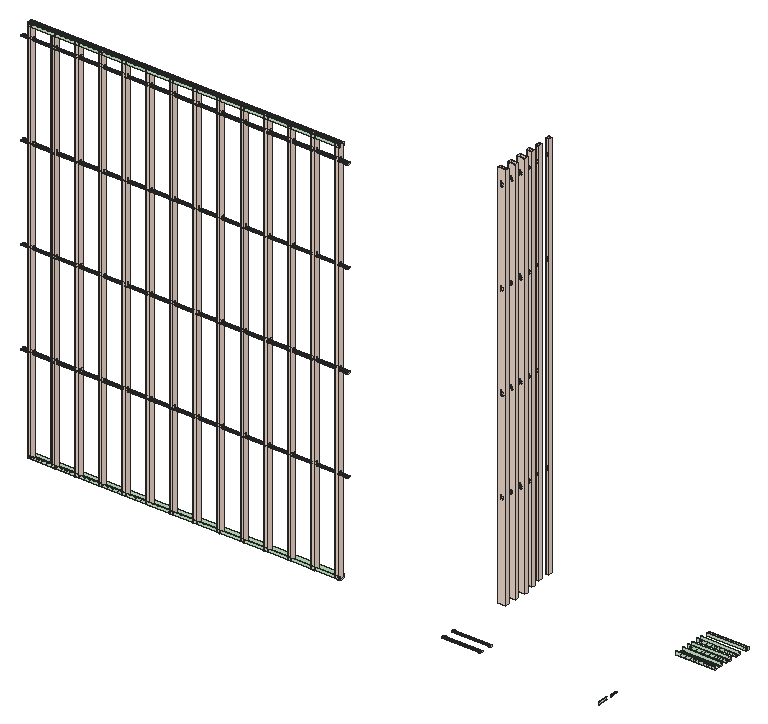
Revit family "SQ-PowerBar.", category 一般モデル, Revit 2020 (continued)
Definition of nested family "SQ-PowerBar4565"
  Automatic sketch dimensions
    Extrusion 5 sketch curve to Extrusion 5 sketch curve = 1.079 mm
    Extrusion 5 sketch curve to Extrusion 5 sketch curve = 1.709 mm
    Extrusion 5 sketch curve to Extrusion 5 sketch curve = 2.5 mm  (x2)
    Extrusion 5 sketch curve to Extrusion 5 sketch curve = 2.349 mm  (x2)
    Extrusion 5 sketch curve to Extrusion 5 sketch curve = 3.036 mm  (x2)
    Extrusion 5 sketch curve to Extrusion 5 sketch curve = 0.615 mm  (x2)
    Extrusion 5 sketch curve to Extrusion 5 sketch curve = 2.803 mm  (x2)
    Extrusion 5 sketch curve to Extrusion 5 sketch curve = 2.545 mm  (x2)
    Extrusion 5 sketch curve to Extrusion 5 sketch curve = 11.922 mm
    Extrusion 5 sketch curve to Extrusion 5 sketch curve = 3.078 mm
    Extrusion 5 sketch curve to Extrusion 5 sketch curve = 17.889 mm
    Extrusion 5 sketch curve to Extrusion 5 sketch curve = 5.611 mm
    Extrusion 5 sketch curve to Extrusion 5 sketch curve = 1.772 mm
Definition of nested family "SQ-PowerBar45100(t0.45) "
  Parameters (values of type "SQ-PowerBar45100(t0.45) ")
    Manufacturer = "株式会社桐井製作所"
    Default Elevation = 0 mm
    振れ止め本数 [instance] = roundup(([K_長さ(mm)] - 1200 mm) * 1 / 振れ止めピッチ) * 1  # 4
    振れ止めピッチ = 1200 mm  # constant formula
    URL = "https://www.kirii.co.jp/"
    K_長さ(mm) [instance] = 5000 mm
    K_外形寸法(mm) = "45×100×0.45"
    K_品名 = "SQ-PowerBar45100(t0.45)"
    K_名称 = "スタッド"
    K_バージョン情報 = "20210714"
  Reference planes
    plane 1 "中心(正面/背面)": y = 0
    plane 2: z = 0
    plane 3 "中心(左/右)": x = 0
    plane 4: x = 50
    plane 5: x = -50
    plane 6: y = 22.5
    plane 7: z = 5000
    plane 8: y = -22.5
    plane 9: z = 1200
  Forms (mm)
    Extrusion 1, solid
      sketch origin (0.5, -20, 0) x (1, 0, 0) y (0, 1, 0)
        loop
          line (-50.5, 42.5) -> (-50.5, -2.5) -> (49.5, -2.5) -> (49.5, 42.5) -> (-50.5, 42.5)
        loop
          line (-50.05, 42.05) -> (-50.05, -2.05) -> (49.05, -2.05) -> (49.05, 42.05) -> (-50.05, 42.05)
      from 0 to 5000
    Extrusion 2, void
      sketch origin (0, 0, 0) x (1, 0, 0) y (0, 0, 1)
        loop
          line (-11, 1200) -> (11, 1200) -> (11, 1202.5) -> (17, 1202.5)
          arc (17, 1202.5) -> (18.637, 1203.351) -> (18.881, 1205.18) r 2
          line (18.881, 1205.18) -> (17.907, 1207.885)
          arc (17.907, 1207.885) -> (17.8, 1208.52) -> (17.921, 1209.153) r 1.817
          line (17.921, 1209.153) -> (19, 1211.955) -> (19, 1214.5) -> (20.772, 1226.411)
          arc (20.772, 1226.411) -> (19.036, 1238.367) -> (11, 1247.389) r 21
          line (11, 1247.389) -> (11, 1253) -> (-11, 1253) -> (-11, 1247.389)
          arc (-11, 1247.389) -> (-19.034, 1238.372) -> (-20.773, 1226.422) r 21
          line (-20.773, 1226.422) -> (-19, 1214.5) -> (-19, 1211.955) -> (-17.921, 1209.153)
          arc (-17.921, 1209.153) -> (-17.8, 1208.52) -> (-17.907, 1207.885) r 1.817
          line (-17.907, 1207.885) -> (-18.881, 1205.18)
          arc (-18.881, 1205.18) -> (-18.637, 1203.351) -> (-17, 1202.5) r 2
          line (-17, 1202.5) -> (-11, 1202.5) -> (-11, 1200)
      from -22.5 to 22.5
    Extrusion 3, void
      sketch origin (0, 0, 1200) x (1, 0, 0) y (0, 0, 1)
        loop
          line (-11, 1200) -> (11, 1200) -> (11, 1202.5) -> (17, 1202.5)
          arc (17, 1202.5) -> (18.637, 1203.351) -> (18.881, 1205.18) r 2
          line (18.881, 1205.18) -> (17.907, 1207.885)
          arc (17.907, 1207.885) -> (17.8, 1208.52) -> (17.921, 1209.153) r 1.817
          line (17.921, 1209.153) -> (19, 1211.955) -> (19, 1214.5) -> (20.772, 1226.411)
          arc (20.772, 1226.411) -> (19.036, 1238.367) -> (11, 1247.389) r 21
          line (11, 1247.389) -> (11, 1253) -> (-11, 1253) -> (-11, 1247.389)
          arc (-11, 1247.389) -> (-19.034, 1238.372) -> (-20.773, 1226.422) r 21
          line (-20.773, 1226.422) -> (-19, 1214.5) -> (-19, 1211.955) -> (-17.921, 1209.153)
          arc (-17.921, 1209.153) -> (-17.8, 1208.52) -> (-17.907, 1207.885) r 1.817
          line (-17.907, 1207.885) -> (-18.881, 1205.18)
          arc (-18.881, 1205.18) -> (-18.637, 1203.351) -> (-17, 1202.5) r 2
          line (-17, 1202.5) -> (-11, 1202.5) -> (-11, 1200)
      from -22.5 to 22.5
    Extrusion 4, void
      sketch origin (0, 0, 2400) x (1, 0, 0) y (0, 0, 1)
        loop
          line (-11, 1200) -> (11, 1200) -> (11, 1202.5) -> (17, 1202.5)
          arc (17, 1202.5) -> (18.637, 1203.351) -> (18.881, 1205.18) r 2
          line (18.881, 1205.18) -> (17.907, 1207.885)
          arc (17.907, 1207.885) -> (17.8, 1208.52) -> (17.921, 1209.153) r 1.817
          line (17.921, 1209.153) -> (19, 1211.955) -> (19, 1214.5) -> (20.772, 1226.411)
          arc (20.772, 1226.411) -> (19.036, 1238.367) -> (11, 1247.389) r 21
          line (11, 1247.389) -> (11, 1253) -> (-11, 1253) -> (-11, 1247.389)
          arc (-11, 1247.389) -> (-19.034, 1238.372) -> (-20.773, 1226.422) r 21
          line (-20.773, 1226.422) -> (-19, 1214.5) -> (-19, 1211.955) -> (-17.921, 1209.153)
          arc (-17.921, 1209.153) -> (-17.8, 1208.52) -> (-17.907, 1207.885) r 1.817
          line (-17.907, 1207.885) -> (-18.881, 1205.18)
          arc (-18.881, 1205.18) -> (-18.637, 1203.351) -> (-17, 1202.5) r 2
          line (-17, 1202.5) -> (-11, 1202.5) -> (-11, 1200)
      from -22.5 to 22.5
    Extrusion 5, void
      sketch origin (0, 0, 3600) x (1, 0, 0) y (0, 0, 1)
        loop
          line (-11, 1200) -> (11, 1200) -> (11, 1202.5) -> (17, 1202.5)
          arc (17, 1202.5) -> (18.637, 1203.351) -> (18.881, 1205.18) r 2
          line (18.881, 1205.18) -> (17.907, 1207.885)
          arc (17.907, 1207.885) -> (17.8, 1208.52) -> (17.921, 1209.153) r 1.817
          line (17.921, 1209.153) -> (19, 1211.955) -> (19, 1214.5) -> (20.772, 1226.411)
          arc (20.772, 1226.411) -> (19.036, 1238.367) -> (11, 1247.389) r 21
          line (11, 1247.389) -> (11, 1253) -> (-11, 1253) -> (-11, 1247.389)
          arc (-11, 1247.389) -> (-19.034, 1238.372) -> (-20.773, 1226.422) r 21
          line (-20.773, 1226.422) -> (-19, 1214.5) -> (-19, 1211.955) -> (-17.921, 1209.153)
          arc (-17.921, 1209.153) -> (-17.8, 1208.52) -> (-17.907, 1207.885) r 1.817
          line (-17.907, 1207.885) -> (-18.881, 1205.18)
          arc (-18.881, 1205.18) -> (-18.637, 1203.351) -> (-17, 1202.5) r 2
          line (-17, 1202.5) -> (-11, 1202.5) -> (-11, 1200)
      from -22.5 to 22.5
  Cuts and joins
    Extrusion 2, Extrusion 3, Extrusion 4, Extrusion 5 cuts Extrusion 1
  Dimensions and locks
    "K_長さ(mm)": plane 7 to level
    "振れ止めピッチ": plane 9 to plane 2
    equal spacing: group 1, group 2, group 3, group 4  (x3)
    aligned and locked: level to plane 2
    aligned and locked: Extrusion 1 sketch curve to plane 6
    aligned and locked: plane 7 to Extrusion 1
    aligned and locked: plane 6 to Extrusion 1
    aligned and locked: Extrusion 1 to plane 8
    aligned and locked: plane 4 to Extrusion 1
    aligned and locked: Extrusion 1 to plane 5
    aligned and locked: plane 4 to cut or joined group of Extrusion 1, Extrusion 2, Extrusion 3, Extrusion 4, Extrusion 5
    aligned and locked: plane 5 to cut or joined group of Extrusion 1, Extrusion 2, Extrusion 3, Extrusion 4, Extrusion 5
    aligned and locked: plane 8 to cut or joined group of Extrusion 1, Extrusion 2, Extrusion 3, Extrusion 4, Extrusion 5
    aligned and locked: cut or joined group of Extrusion 1, Extrusion 2, Extrusion 3, Extrusion 4, Extrusion 5 to plane 9
  Automatic sketch dimensions
    Extrusion 1 sketch curve to plane 5 = 0 mm
    Extrusion 1 sketch curve to plane 4 = 0 mm
    Extrusion 1 sketch curve to plane 8 = 0 mm
    plane 5 to Extrusion 1 sketch curve = 0.45 mm
    Extrusion 1 sketch curve to plane 4 = 0.45 mm
    plane 8 to Extrusion 1 sketch curve = 0.45 mm
    Extrusion 1 sketch curve to plane 6 = 0.45 mm
    Extrusion 2 sketch curve to Extrusion 2 sketch curve = 0 mm  (x4)
    Extrusion 2 sketch curve to Extrusion 2 sketch curve = 1.156 mm
    Extrusion 2 sketch curve to Extrusion 2 sketch curve = 0.617 mm
    Extrusion 2 sketch curve to Extrusion 2 sketch curve = 0.736 mm
    Extrusion 2 sketch curve to Extrusion 2 sketch curve = 1.695 mm  (x2)
    Extrusion 2 sketch curve to Extrusion 2 sketch curve = 0.014 mm  (x2)
    Extrusion 2 sketch curve to Extrusion 2 sketch curve = 1.881 mm  (x2)
    Extrusion 2 sketch curve to Extrusion 2 sketch curve = 9.773 mm
    Extrusion 2 sketch curve to Extrusion 2 sketch curve = 6 mm  (x2)
    Extrusion 2 sketch curve to Extrusion 2 sketch curve = 11 mm
    Extrusion 2 sketch curve to Extrusion 2 sketch curve = 22 mm  (x2)
    Extrusion 2 sketch curve to Extrusion 2 sketch curve = 0.907 mm
    Extrusion 2 sketch curve to Extrusion 2 sketch curve = 1.079 mm
    Extrusion 2 sketch curve to Extrusion 2 sketch curve = 2.5 mm  (x2)
    Extrusion 2 sketch curve to Extrusion 2 sketch curve = 2 mm  (x2)
    Extrusion 2 sketch curve to Extrusion 2 sketch curve = 2.705 mm  (x2)
    Extrusion 2 sketch curve to Extrusion 2 sketch curve = 0.615 mm  (x2)
    Extrusion 2 sketch curve to Extrusion 2 sketch curve = 2.803 mm  (x2)
    Extrusion 2 sketch curve to Extrusion 2 sketch curve = 2.545 mm  (x2)
    Extrusion 2 sketch curve to Extrusion 2 sketch curve = 11.922 mm
    Extrusion 2 sketch curve to Extrusion 2 sketch curve = 3.078 mm
    Extrusion 2 sketch curve to Extrusion 2 sketch curve = 17.889 mm
    Extrusion 2 sketch curve to Extrusion 2 sketch curve = 5.611 mm
    Extrusion 2 sketch curve to Extrusion 2 sketch curve = 1.772 mm
    Extrusion 3 sketch curve to Extrusion 3 sketch curve = 0 mm  (x4)
    Extrusion 3 sketch curve to Extrusion 3 sketch curve = 1.156 mm
    Extrusion 3 sketch curve to Extrusion 3 sketch curve = 0.617 mm
    Extrusion 3 sketch curve to Extrusion 3 sketch curve = 0.736 mm
    Extrusion 3 sketch curve to Extrusion 3 sketch curve = 1.695 mm  (x2)
    Extrusion 3 sketch curve to Extrusion 3 sketch curve = 0.014 mm  (x2)
    Extrusion 3 sketch curve to Extrusion 3 sketch curve = 1.881 mm  (x2)
    Extrusion 3 sketch curve to Extrusion 3 sketch curve = 9.773 mm
    Extrusion 3 sketch curve to Extrusion 3 sketch curve = 6 mm  (x2)
    Extrusion 3 sketch curve to Extrusion 3 sketch curve = 11 mm
    Extrusion 3 sketch curve to Extrusion 3 sketch curve = 22 mm  (x2)
    Extrusion 3 sketch curve to Extrusion 3 sketch curve = 0.907 mm
    Extrusion 3 sketch curve to Extrusion 3 sketch curve = 1.079 mm
    Extrusion 3 sketch curve to Extrusion 3 sketch curve = 2.5 mm  (x2)
    Extrusion 3 sketch curve to Extrusion 3 sketch curve = 2 mm  (x2)
    Extrusion 3 sketch curve to Extrusion 3 sketch curve = 2.705 mm  (x2)
    Extrusion 3 sketch curve to Extrusion 3 sketch curve = 0.615 mm  (x2)
    Extrusion 3 sketch curve to Extrusion 3 sketch curve = 2.803 mm  (x2)
    Extrusion 3 sketch curve to Extrusion 3 sketch curve = 2.545 mm  (x2)
    Extrusion 3 sketch curve to Extrusion 3 sketch curve = 11.922 mm
    Extrusion 3 sketch curve to Extrusion 3 sketch curve = 3.078 mm
    Extrusion 3 sketch curve to Extrusion 3 sketch curve = 17.889 mm
    Extrusion 3 sketch curve to Extrusion 3 sketch curve = 5.611 mm
    Extrusion 3 sketch curve to Extrusion 3 sketch curve = 1.772 mm
    Extrusion 4 sketch curve to Extrusion 4 sketch curve = 0 mm  (x4)
    Extrusion 4 sketch curve to Extrusion 4 sketch curve = 1.156 mm
    Extrusion 4 sketch curve to Extrusion 4 sketch curve = 0.617 mm
    Extrusion 4 sketch curve to Extrusion 4 sketch curve = 0.736 mm
    Extrusion 4 sketch curve to Extrusion 4 sketch curve = 1.695 mm  (x2)
    Extrusion 4 sketch curve to Extrusion 4 sketch curve = 0.014 mm  (x2)
    Extrusion 4 sketch curve to Extrusion 4 sketch curve = 1.881 mm  (x2)
    Extrusion 4 sketch curve to Extrusion 4 sketch curve = 9.773 mm
    Extrusion 4 sketch curve to Extrusion 4 sketch curve = 6 mm  (x2)
    Extrusion 4 sketch curve to Extrusion 4 sketch curve = 11 mm
    Extrusion 4 sketch curve to Extrusion 4 sketch curve = 22 mm  (x2)
    Extrusion 4 sketch curve to Extrusion 4 sketch curve = 0.907 mm
    Extrusion 4 sketch curve to Extrusion 4 sketch curve = 1.079 mm
    Extrusion 4 sketch curve to Extrusion 4 sketch curve = 2.5 mm  (x2)
    Extrusion 4 sketch curve to Extrusion 4 sketch curve = 2 mm  (x2)
    Extrusion 4 sketch curve to Extrusion 4 sketch curve = 2.705 mm  (x2)
    Extrusion 4 sketch curve to Extrusion 4 sketch curve = 0.615 mm  (x2)
    Extrusion 4 sketch curve to Extrusion 4 sketch curve = 2.803 mm  (x2)
    Extrusion 4 sketch curve to Extrusion 4 sketch curve = 2.545 mm  (x2)
    Extrusion 4 sketch curve to Extrusion 4 sketch curve = 11.922 mm
    Extrusion 4 sketch curve to Extrusion 4 sketch curve = 3.078 mm
    Extrusion 4 sketch curve to Extrusion 4 sketch curve = 17.889 mm
    Extrusion 4 sketch curve to Extrusion 4 sketch curve = 5.611 mm
    Extrusion 4 sketch curve to Extrusion 4 sketch curve = 1.772 mm
    Extrusion 5 sketch curve to Extrusion 5 sketch curve = 0 mm  (x4)
    Extrusion 5 sketch curve to Extrusion 5 sketch curve = 1.156 mm
    Extrusion 5 sketch curve to Extrusion 5 sketch curve = 0.617 mm
    Extrusion 5 sketch curve to Extrusion 5 sketch curve = 0.736 mm
    Extrusion 5 sketch curve to Extrusion 5 sketch curve = 1.695 mm  (x2)
    Extrusion 5 sketch curve to Extrusion 5 sketch curve = 0.014 mm  (x2)
    Extrusion 5 sketch curve to Extrusion 5 sketch curve = 1.881 mm  (x2)
    Extrusion 5 sketch curve to Extrusion 5 sketch curve = 9.773 mm
    Extrusion 5 sketch curve to Extrusion 5 sketch curve = 6 mm  (x2)
    Extrusion 5 sketch curve to Extrusion 5 sketch curve = 11 mm
    Extrusion 5 sketch curve to Extrusion 5 sketch curve = 22 mm  (x2)
    Extrusion 5 sketch curve to Extrusion 5 sketch curve = 0.907 mm
    Extrusion 5 sketch curve to Extrusion 5 sketch curve = 1.079 mm
    Extrusion 5 sketch curve to Extrusion 5 sketch curve = 2.5 mm  (x2)
    Extrusion 5 sketch curve to Extrusion 5 sketch curve = 2 mm  (x2)
    Extrusion 5 sketch curve to Extrusion 5 sketch curve = 2.705 mm  (x2)
    Extrusion 5 sketch curve to Extrusion 5 sketch curve = 0.615 mm  (x2)
    Extrusion 5 sketch curve to Extrusion 5 sketch curve = 2.803 mm  (x2)
    Extrusion 5 sketch curve to Extrusion 5 sketch curve = 2.545 mm  (x2)
    Extrusion 5 sketch curve to Extrusion 5 sketch curve = 11.922 mm
    Extrusion 5 sketch curve to Extrusion 5 sketch curve = 3.078 mm
    Extrusion 5 sketch curve to Extrusion 5 sketch curve = 17.889 mm
    Extrusion 5 sketch curve to Extrusion 5 sketch curve = 5.611 mm
    Extrusion 5 sketch curve to Extrusion 5 sketch curve = 1.772 mm
Definition of nested family "SQ-PowerBar45100(t1.0)"
  Parameters (values of type "SQ-PowerBar45100(t1.0)")
    Manufacturer = "株式会社桐井製作所"
    Default Elevation = 0 mm
    振れ止め本数 [instance] = roundup(([K_長さ(mm)] - 1200 mm) * 1 / 振れ止めピッチ) * 1  # 4
    振れ止めピッチ = 1200 mm  # constant formula
    URL = "https://www.kirii.co.jp/"
    K_長さ(mm) [instance] = 5000 mm
    K_断面積A(mm2) = 283.4
    K_断面係数Zy(mm3) = 4831
    K_断面係数Zx(mm3) = 7420
    K_断面2次半径iy(mm) = 19.6
    K_断面2次半径ix(mm) = 36.2
    K_断面2次モーメントIy(mm4) = 108700
    K_断面2次モーメントIx(mm4) = 37100
    K_外形寸法(mm) = "45×100×1.0"
    K_品名 = "SQ-PowerBar45100(t1.0)"
    K_名称 = "スタッド"
    K_単位質量(kg/m) = 2.259
    K_ヤング係数E(N/mm2) = 205000
    K_バージョン情報 = "20210714"
  Reference planes
    plane 1 "中心(正面/背面)": y = 0
    plane 2: z = 0
    plane 3 "中心(左/右)": x = 0
    plane 4: x = 50
    plane 5: x = -50
    plane 6: y = 22.5
    plane 7: z = 5000
    plane 8: y = -22.5
    plane 9: z = 1200
  Forms (mm)
    Extrusion 1, solid
      sketch origin (0.5, -20, 0) x (1, 0, 0) y (0, 1, 0)
        loop
          line (-50.5, 42.5) -> (-50.5, -2.5) -> (49.5, -2.5) -> (49.5, 42.5) -> (-50.5, 42.5)
        loop
          line (-49.5, -1.5) -> (48.5, -1.5) -> (48.5, 41.5) -> (-49.5, 41.5) -> (-49.5, -1.5)
      from 0 to 5000
    Extrusion 2, void
      sketch origin (0, 0, 0) x (1, 0, 0) y (0, 0, 1)
        loop
          line (-11, 1200) -> (11, 1200) -> (11, 1202.5) -> (17, 1202.5)
          arc (17, 1202.5) -> (18.637, 1203.351) -> (18.881, 1205.18) r 2
          line (18.881, 1205.18) -> (17.907, 1207.885)
          arc (17.907, 1207.885) -> (17.8, 1208.52) -> (17.921, 1209.153) r 1.817
          line (17.921, 1209.153) -> (19, 1211.955) -> (19, 1214.5) -> (20.772, 1226.411)
          arc (20.772, 1226.411) -> (19.036, 1238.367) -> (11, 1247.389) r 21
          line (11, 1247.389) -> (11, 1253) -> (-11, 1253) -> (-11, 1247.389)
          arc (-11, 1247.389) -> (-19.034, 1238.372) -> (-20.773, 1226.422) r 21
          line (-20.773, 1226.422) -> (-19, 1214.5) -> (-19, 1211.955) -> (-17.921, 1209.153)
          arc (-17.921, 1209.153) -> (-17.8, 1208.52) -> (-17.907, 1207.885) r 1.817
          line (-17.907, 1207.885) -> (-18.881, 1205.18)
          arc (-18.881, 1205.18) -> (-18.637, 1203.351) -> (-17, 1202.5) r 2
          line (-17, 1202.5) -> (-11, 1202.5) -> (-11, 1200)
      from -22.5 to 22.5
    Extrusion 3, void
      sketch origin (0, 0, 1200) x (1, 0, 0) y (0, 0, 1)
        loop
          line (-11, 1200) -> (11, 1200) -> (11, 1202.5) -> (17, 1202.5)
          arc (17, 1202.5) -> (18.637, 1203.351) -> (18.881, 1205.18) r 2
          line (18.881, 1205.18) -> (17.907, 1207.885)
          arc (17.907, 1207.885) -> (17.8, 1208.52) -> (17.921, 1209.153) r 1.817
          line (17.921, 1209.153) -> (19, 1211.955) -> (19, 1214.5) -> (20.772, 1226.411)
          arc (20.772, 1226.411) -> (19.036, 1238.367) -> (11, 1247.389) r 21
          line (11, 1247.389) -> (11, 1253) -> (-11, 1253) -> (-11, 1247.389)
          arc (-11, 1247.389) -> (-19.034, 1238.372) -> (-20.773, 1226.422) r 21
          line (-20.773, 1226.422) -> (-19, 1214.5) -> (-19, 1211.955) -> (-17.921, 1209.153)
          arc (-17.921, 1209.153) -> (-17.8, 1208.52) -> (-17.907, 1207.885) r 1.817
          line (-17.907, 1207.885) -> (-18.881, 1205.18)
          arc (-18.881, 1205.18) -> (-18.637, 1203.351) -> (-17, 1202.5) r 2
          line (-17, 1202.5) -> (-11, 1202.5) -> (-11, 1200)
      from -22.5 to 22.5
    Extrusion 4, void
      sketch origin (0, 0, 2400) x (1, 0, 0) y (0, 0, 1)
        loop
          line (-11, 1200) -> (11, 1200) -> (11, 1202.5) -> (17, 1202.5)
          arc (17, 1202.5) -> (18.637, 1203.351) -> (18.881, 1205.18) r 2
          line (18.881, 1205.18) -> (17.907, 1207.885)
          arc (17.907, 1207.885) -> (17.8, 1208.52) -> (17.921, 1209.153) r 1.817
          line (17.921, 1209.153) -> (19, 1211.955) -> (19, 1214.5) -> (20.772, 1226.411)
          arc (20.772, 1226.411) -> (19.036, 1238.367) -> (11, 1247.389) r 21
          line (11, 1247.389) -> (11, 1253) -> (-11, 1253) -> (-11, 1247.389)
          arc (-11, 1247.389) -> (-19.034, 1238.372) -> (-20.773, 1226.422) r 21
          line (-20.773, 1226.422) -> (-19, 1214.5) -> (-19, 1211.955) -> (-17.921, 1209.153)
          arc (-17.921, 1209.153) -> (-17.8, 1208.52) -> (-17.907, 1207.885) r 1.817
          line (-17.907, 1207.885) -> (-18.881, 1205.18)
          arc (-18.881, 1205.18) -> (-18.637, 1203.351) -> (-17, 1202.5) r 2
          line (-17, 1202.5) -> (-11, 1202.5) -> (-11, 1200)
      from -22.5 to 22.5
    Extrusion 5, void
      sketch origin (0, 0, 3600) x (1, 0, 0) y (0, 0, 1)
        loop
          line (-11, 1200) -> (11, 1200) -> (11, 1202.5) -> (17, 1202.5)
          arc (17, 1202.5) -> (18.637, 1203.351) -> (18.881, 1205.18) r 2
          line (18.881, 1205.18) -> (17.907, 1207.885)
          arc (17.907, 1207.885) -> (17.8, 1208.52) -> (17.921, 1209.153) r 1.817
          line (17.921, 1209.153) -> (19, 1211.955) -> (19, 1214.5) -> (20.772, 1226.411)
          arc (20.772, 1226.411) -> (19.036, 1238.367) -> (11, 1247.389) r 21
          line (11, 1247.389) -> (11, 1253) -> (-11, 1253) -> (-11, 1247.389)
          arc (-11, 1247.389) -> (-19.034, 1238.372) -> (-20.773, 1226.422) r 21
          line (-20.773, 1226.422) -> (-19, 1214.5) -> (-19, 1211.955) -> (-17.921, 1209.153)
          arc (-17.921, 1209.153) -> (-17.8, 1208.52) -> (-17.907, 1207.885) r 1.817
          line (-17.907, 1207.885) -> (-18.881, 1205.18)
          arc (-18.881, 1205.18) -> (-18.637, 1203.351) -> (-17, 1202.5) r 2
          line (-17, 1202.5) -> (-11, 1202.5) -> (-11, 1200)
      from -22.5 to 22.5
  Cuts and joins
    Extrusion 2, Extrusion 3, Extrusion 4, Extrusion 5 cuts Extrusion 1
  Dimensions and locks
    "K_長さ(mm)": plane 7 to level
    "振れ止めピッチ": plane 9 to plane 2
    equal spacing: group 1, group 2, group 3, group 4  (x3)
    aligned and locked: level to plane 2
    aligned and locked: Extrusion 1 sketch curve to plane 6
    aligned and locked: plane 7 to Extrusion 1
    aligned and locked: plane 6 to Extrusion 1
    aligned and locked: Extrusion 1 to plane 8
    aligned and locked: plane 4 to Extrusion 1
    aligned and locked: Extrusion 1 to plane 5
    aligned and locked: plane 4 to cut or joined group of Extrusion 1, Extrusion 2, Extrusion 3, Extrusion 4, Extrusion 5
    aligned and locked: plane 5 to cut or joined group of Extrusion 1, Extrusion 2, Extrusion 3, Extrusion 4, Extrusion 5
    aligned and locked: plane 8 to cut or joined group of Extrusion 1, Extrusion 2, Extrusion 3, Extrusion 4, Extrusion 5
    aligned and locked: cut or joined group of Extrusion 1, Extrusion 2, Extrusion 3, Extrusion 4, Extrusion 5 to plane 9
  Automatic sketch dimensions
    Extrusion 2 sketch curve to Extrusion 2 sketch curve = 0 mm  (x4)
    Extrusion 2 sketch curve to Extrusion 2 sketch curve = 1.156 mm
    Extrusion 2 sketch curve to Extrusion 2 sketch curve = 0.617 mm
    Extrusion 2 sketch curve to Extrusion 2 sketch curve = 0.736 mm
    Extrusion 2 sketch curve to Extrusion 2 sketch curve = 1.695 mm  (x2)
    Extrusion 2 sketch curve to Extrusion 2 sketch curve = 0.014 mm  (x2)
    Extrusion 2 sketch curve to Extrusion 2 sketch curve = 1.881 mm  (x2)
    Extrusion 2 sketch curve to Extrusion 2 sketch curve = 9.773 mm
    Extrusion 2 sketch curve to Extrusion 2 sketch curve = 6 mm  (x2)
    Extrusion 2 sketch curve to Extrusion 2 sketch curve = 11 mm
    Extrusion 2 sketch curve to Extrusion 2 sketch curve = 22 mm  (x2)
    Extrusion 2 sketch curve to Extrusion 2 sketch curve = 0.907 mm
    Extrusion 2 sketch curve to Extrusion 2 sketch curve = 1.079 mm
    Extrusion 2 sketch curve to Extrusion 2 sketch curve = 2.5 mm  (x2)
    Extrusion 2 sketch curve to Extrusion 2 sketch curve = 2 mm  (x2)
    Extrusion 2 sketch curve to Extrusion 2 sketch curve = 2.705 mm  (x2)
    Extrusion 2 sketch curve to Extrusion 2 sketch curve = 0.615 mm  (x2)
    Extrusion 2 sketch curve to Extrusion 2 sketch curve = 2.803 mm  (x2)
    Extrusion 2 sketch curve to Extrusion 2 sketch curve = 2.545 mm  (x2)
    Extrusion 2 sketch curve to Extrusion 2 sketch curve = 11.922 mm
    Extrusion 2 sketch curve to Extrusion 2 sketch curve = 3.078 mm
    Extrusion 2 sketch curve to Extrusion 2 sketch curve = 17.889 mm
    Extrusion 2 sketch curve to Extrusion 2 sketch curve = 5.611 mm
    Extrusion 2 sketch curve to Extrusion 2 sketch curve = 1.772 mm
    Extrusion 3 sketch curve to Extrusion 3 sketch curve = 0 mm  (x4)
    Extrusion 3 sketch curve to Extrusion 3 sketch curve = 1.156 mm
    Extrusion 3 sketch curve to Extrusion 3 sketch curve = 0.617 mm
    Extrusion 3 sketch curve to Extrusion 3 sketch curve = 0.736 mm
    Extrusion 3 sketch curve to Extrusion 3 sketch curve = 1.695 mm  (x2)
    Extrusion 3 sketch curve to Extrusion 3 sketch curve = 0.014 mm  (x2)
    Extrusion 3 sketch curve to Extrusion 3 sketch curve = 1.881 mm  (x2)
    Extrusion 3 sketch curve to Extrusion 3 sketch curve = 9.773 mm
    Extrusion 3 sketch curve to Extrusion 3 sketch curve = 6 mm  (x2)
    Extrusion 3 sketch curve to Extrusion 3 sketch curve = 11 mm
    Extrusion 3 sketch curve to Extrusion 3 sketch curve = 22 mm  (x2)
    Extrusion 3 sketch curve to Extrusion 3 sketch curve = 0.907 mm
    Extrusion 3 sketch curve to Extrusion 3 sketch curve = 1.079 mm
    Extrusion 3 sketch curve to Extrusion 3 sketch curve = 2.5 mm  (x2)
    Extrusion 3 sketch curve to Extrusion 3 sketch curve = 2 mm  (x2)
    Extrusion 3 sketch curve to Extrusion 3 sketch curve = 2.705 mm  (x2)
    Extrusion 3 sketch curve to Extrusion 3 sketch curve = 0.615 mm  (x2)
    Extrusion 3 sketch curve to Extrusion 3 sketch curve = 2.803 mm  (x2)
    Extrusion 3 sketch curve to Extrusion 3 sketch curve = 2.545 mm  (x2)
    Extrusion 3 sketch curve to Extrusion 3 sketch curve = 11.922 mm
    Extrusion 3 sketch curve to Extrusion 3 sketch curve = 3.078 mm
    Extrusion 3 sketch curve to Extrusion 3 sketch curve = 17.889 mm
    Extrusion 3 sketch curve to Extrusion 3 sketch curve = 5.611 mm
    Extrusion 3 sketch curve to Extrusion 3 sketch curve = 1.772 mm
    Extrusion 4 sketch curve to Extrusion 4 sketch curve = 0 mm  (x4)
    Extrusion 4 sketch curve to Extrusion 4 sketch curve = 1.156 mm
    Extrusion 4 sketch curve to Extrusion 4 sketch curve = 0.617 mm
    Extrusion 4 sketch curve to Extrusion 4 sketch curve = 0.736 mm
    Extrusion 4 sketch curve to Extrusion 4 sketch curve = 1.695 mm  (x2)
    Extrusion 4 sketch curve to Extrusion 4 sketch curve = 0.014 mm  (x2)
    Extrusion 4 sketch curve to Extrusion 4 sketch curve = 1.881 mm  (x2)
    Extrusion 4 sketch curve to Extrusion 4 sketch curve = 9.773 mm
    Extrusion 4 sketch curve to Extrusion 4 sketch curve = 6 mm  (x2)
    Extrusion 4 sketch curve to Extrusion 4 sketch curve = 11 mm
    Extrusion 4 sketch curve to Extrusion 4 sketch curve = 22 mm  (x2)
    Extrusion 4 sketch curve to Extrusion 4 sketch curve = 0.907 mm
    Extrusion 4 sketch curve to Extrusion 4 sketch curve = 1.079 mm
    Extrusion 4 sketch curve to Extrusion 4 sketch curve = 2.5 mm  (x2)
    Extrusion 4 sketch curve to Extrusion 4 sketch curve = 2 mm  (x2)
    Extrusion 4 sketch curve to Extrusion 4 sketch curve = 2.705 mm  (x2)
    Extrusion 4 sketch curve to Extrusion 4 sketch curve = 0.615 mm  (x2)
    Extrusion 4 sketch curve to Extrusion 4 sketch curve = 2.803 mm  (x2)
    Extrusion 4 sketch curve to Extrusion 4 sketch curve = 2.545 mm  (x2)
    Extrusion 4 sketch curve to Extrusion 4 sketch curve = 11.922 mm
    Extrusion 4 sketch curve to Extrusion 4 sketch curve = 3.078 mm
    Extrusion 4 sketch curve to Extrusion 4 sketch curve = 17.889 mm
    Extrusion 4 sketch curve to Extrusion 4 sketch curve = 5.611 mm
    Extrusion 4 sketch curve to Extrusion 4 sketch curve = 1.772 mm
    Extrusion 5 sketch curve to Extrusion 5 sketch curve = 0 mm  (x4)
    Extrusion 5 sketch curve to Extrusion 5 sketch curve = 1.156 mm
    Extrusion 5 sketch curve to Extrusion 5 sketch curve = 0.617 mm
    Extrusion 5 sketch curve to Extrusion 5 sketch curve = 0.736 mm
    Extrusion 5 sketch curve to Extrusion 5 sketch curve = 1.695 mm  (x2)
    Extrusion 5 sketch curve to Extrusion 5 sketch curve = 0.014 mm  (x2)
    Extrusion 5 sketch curve to Extrusion 5 sketch curve = 1.881 mm  (x2)
    Extrusion 5 sketch curve to Extrusion 5 sketch curve = 9.773 mm
    Extrusion 5 sketch curve to Extrusion 5 sketch curve = 6 mm  (x2)
    Extrusion 5 sketch curve to Extrusion 5 sketch curve = 11 mm
    Extrusion 5 sketch curve to Extrusion 5 sketch curve = 22 mm  (x2)
    Extrusion 5 sketch curve to Extrusion 5 sketch curve = 0.907 mm
    Extrusion 5 sketch curve to Extrusion 5 sketch curve = 1.079 mm
    Extrusion 5 sketch curve to Extrusion 5 sketch curve = 2.5 mm  (x2)
    Extrusion 5 sketch curve to Extrusion 5 sketch curve = 2 mm  (x2)
    Extrusion 5 sketch curve to Extrusion 5 sketch curve = 2.705 mm  (x2)
    Extrusion 5 sketch curve to Extrusion 5 sketch curve = 0.615 mm  (x2)
    Extrusion 5 sketch curve to Extrusion 5 sketch curve = 2.803 mm  (x2)
    Extrusion 5 sketch curve to Extrusion 5 sketch curve = 2.545 mm  (x2)
    Extrusion 5 sketch curve to Extrusion 5 sketch curve = 11.922 mm
    Extrusion 5 sketch curve to Extrusion 5 sketch curve = 3.078 mm
    Extrusion 5 sketch curve to Extrusion 5 sketch curve = 17.889 mm
    Extrusion 5 sketch curve to Extrusion 5 sketch curve = 5.611 mm
    Extrusion 5 sketch curve to Extrusion 5 sketch curve = 1.772 mm
    Extrusion 1 sketch curve to plane 5 = 0 mm
    Extrusion 1 sketch curve to plane 8 = 0 mm
    Extrusion 1 sketch curve to plane 4 = 1 mm
    Extrusion 1 sketch curve to plane 6 = 1 mm
    plane 8 to Extrusion 1 sketch curve = 1 mm
    plane 5 to Extrusion 1 sketch curve = 1 mm
    Extrusion 1 sketch curve to plane 4 = 0 mm
Definition of nested family "SQ-PowerBar45100(t1.2)"
  Parameters (values of type "SQ-PowerBar45100(t1.2)")
    Manufacturer = "株式会社桐井製作所"
    Default Elevation = 0 mm
    振れ止め本数 [instance] = roundup(([K_長さ(mm)] - 1200 mm) * 1 / 振れ止めピッチ) * 1  # 4
    振れ止めピッチ = 1200 mm  # constant formula
    URL = "https://www.kirii.co.jp/"
    K_長さ(mm) [instance] = 5000 mm
    K_断面積A(mm2) = 339.3
    K_断面係数Zy(mm3) = 5737
    K_断面係数Zx(mm3) = 8846
    K_断面2次半径iy(mm) = 19.5
    K_断面2次半径ix(mm) = 36.1
    K_断面2次モーメントIy(mm4) = 129100
    K_断面2次モーメントIx(mm4) = 442300
    K_外形寸法(mm) = "45×100×1.2"
    K_品名 = "SQ-PowerBar45100(t1.2)"
    K_名称 = "スタッド"
    K_単位質量(kg/m) = 2.715
    K_ヤング係数E(N/mm2) = 205000
    K_バージョン情報 = "20210714"
  Reference planes
    plane 1 "中心(正面/背面)": y = 0
    plane 2: z = 0
    plane 3 "中心(左/右)": x = 0
    plane 4: x = 50
    plane 5: x = -50
    plane 6: y = 22.5
    plane 7: z = 5000
    plane 8: y = -22.5
    plane 9: z = 1200
  Forms (mm)
    Extrusion 1, solid
      sketch origin (0.5, -20, 0) x (1, 0, 0) y (0, 1, 0)
        loop
          line (-50.5, 42.5) -> (-50.5, -2.5) -> (49.5, -2.5) -> (49.5, 42.5) -> (-50.5, 42.5)
        loop
          line (48.3, 41.3) -> (-49.3, 41.3) -> (-49.3, -1.3) -> (48.3, -1.3) -> (48.3, 41.3)
      from 0 to 5000
    Extrusion 2, void
      sketch origin (0, 0, 0) x (1, 0, 0) y (0, 0, 1)
        loop
          line (-11, 1200) -> (11, 1200) -> (11, 1202.5) -> (17, 1202.5)
          arc (17, 1202.5) -> (18.637, 1203.351) -> (18.881, 1205.18) r 2
          line (18.881, 1205.18) -> (17.907, 1207.885)
          arc (17.907, 1207.885) -> (17.8, 1208.52) -> (17.921, 1209.153) r 1.817
          line (17.921, 1209.153) -> (19, 1211.955) -> (19, 1214.5) -> (20.772, 1226.411)
          arc (20.772, 1226.411) -> (19.036, 1238.367) -> (11, 1247.389) r 21
          line (11, 1247.389) -> (11, 1253) -> (-11, 1253) -> (-11, 1247.389)
          arc (-11, 1247.389) -> (-19.034, 1238.372) -> (-20.773, 1226.422) r 21
          line (-20.773, 1226.422) -> (-19, 1214.5) -> (-19, 1211.955) -> (-17.921, 1209.153)
          arc (-17.921, 1209.153) -> (-17.8, 1208.52) -> (-17.907, 1207.885) r 1.817
          line (-17.907, 1207.885) -> (-18.881, 1205.18)
          arc (-18.881, 1205.18) -> (-18.637, 1203.351) -> (-17, 1202.5) r 2
          line (-17, 1202.5) -> (-11, 1202.5) -> (-11, 1200)
      from -22.5 to 22.5
    Extrusion 3, void
      sketch origin (0, 0, 1200) x (1, 0, 0) y (0, 0, 1)
        loop
          line (-11, 1200) -> (11, 1200) -> (11, 1202.5) -> (17, 1202.5)
          arc (17, 1202.5) -> (18.637, 1203.351) -> (18.881, 1205.18) r 2
          line (18.881, 1205.18) -> (17.907, 1207.885)
          arc (17.907, 1207.885) -> (17.8, 1208.52) -> (17.921, 1209.153) r 1.817
          line (17.921, 1209.153) -> (19, 1211.955) -> (19, 1214.5) -> (20.772, 1226.411)
          arc (20.772, 1226.411) -> (19.036, 1238.367) -> (11, 1247.389) r 21
          line (11, 1247.389) -> (11, 1253) -> (-11, 1253) -> (-11, 1247.389)
          arc (-11, 1247.389) -> (-19.034, 1238.372) -> (-20.773, 1226.422) r 21
          line (-20.773, 1226.422) -> (-19, 1214.5) -> (-19, 1211.955) -> (-17.921, 1209.153)
          arc (-17.921, 1209.153) -> (-17.8, 1208.52) -> (-17.907, 1207.885) r 1.817
          line (-17.907, 1207.885) -> (-18.881, 1205.18)
          arc (-18.881, 1205.18) -> (-18.637, 1203.351) -> (-17, 1202.5) r 2
          line (-17, 1202.5) -> (-11, 1202.5) -> (-11, 1200)
      from -22.5 to 22.5
    Extrusion 4, void
      sketch origin (0, 0, 2400) x (1, 0, 0) y (0, 0, 1)
        loop
          line (-11, 1200) -> (11, 1200) -> (11, 1202.5) -> (17, 1202.5)
          arc (17, 1202.5) -> (18.637, 1203.351) -> (18.881, 1205.18) r 2
          line (18.881, 1205.18) -> (17.907, 1207.885)
          arc (17.907, 1207.885) -> (17.8, 1208.52) -> (17.921, 1209.153) r 1.817
          line (17.921, 1209.153) -> (19, 1211.955) -> (19, 1214.5) -> (20.772, 1226.411)
          arc (20.772, 1226.411) -> (19.036, 1238.367) -> (11, 1247.389) r 21
          line (11, 1247.389) -> (11, 1253) -> (-11, 1253) -> (-11, 1247.389)
          arc (-11, 1247.389) -> (-19.034, 1238.372) -> (-20.773, 1226.422) r 21
          line (-20.773, 1226.422) -> (-19, 1214.5) -> (-19, 1211.955) -> (-17.921, 1209.153)
          arc (-17.921, 1209.153) -> (-17.8, 1208.52) -> (-17.907, 1207.885) r 1.817
          line (-17.907, 1207.885) -> (-18.881, 1205.18)
          arc (-18.881, 1205.18) -> (-18.637, 1203.351) -> (-17, 1202.5) r 2
          line (-17, 1202.5) -> (-11, 1202.5) -> (-11, 1200)
      from -22.5 to 22.5
    Extrusion 5, void
      sketch origin (0, 0, 3600) x (1, 0, 0) y (0, 0, 1)
        loop
          line (-11, 1200) -> (11, 1200) -> (11, 1202.5) -> (17, 1202.5)
          arc (17, 1202.5) -> (18.637, 1203.351) -> (18.881, 1205.18) r 2
          line (18.881, 1205.18) -> (17.907, 1207.885)
          arc (17.907, 1207.885) -> (17.8, 1208.52) -> (17.921, 1209.153) r 1.817
          line (17.921, 1209.153) -> (19, 1211.955) -> (19, 1214.5) -> (20.772, 1226.411)
          arc (20.772, 1226.411) -> (19.036, 1238.367) -> (11, 1247.389) r 21
          line (11, 1247.389) -> (11, 1253) -> (-11, 1253) -> (-11, 1247.389)
          arc (-11, 1247.389) -> (-19.034, 1238.372) -> (-20.773, 1226.422) r 21
          line (-20.773, 1226.422) -> (-19, 1214.5) -> (-19, 1211.955) -> (-17.921, 1209.153)
          arc (-17.921, 1209.153) -> (-17.8, 1208.52) -> (-17.907, 1207.885) r 1.817
          line (-17.907, 1207.885) -> (-18.881, 1205.18)
          arc (-18.881, 1205.18) -> (-18.637, 1203.351) -> (-17, 1202.5) r 2
          line (-17, 1202.5) -> (-11, 1202.5) -> (-11, 1200)
      from -22.5 to 22.5
  Cuts and joins
    Extrusion 2, Extrusion 3, Extrusion 4, Extrusion 5 cuts Extrusion 1
  Dimensions and locks
    "K_長さ(mm)": plane 7 to level
    "振れ止めピッチ": plane 9 to plane 2
    equal spacing: group 1, group 2, group 3, group 4  (x3)
    aligned and locked: level to plane 2
    aligned and locked: Extrusion 1 sketch curve to plane 6
    aligned and locked: plane 7 to Extrusion 1
    aligned and locked: plane 6 to Extrusion 1
    aligned and locked: Extrusion 1 to plane 8
    aligned and locked: plane 4 to Extrusion 1
    aligned and locked: Extrusion 1 to plane 5
    aligned and locked: plane 4 to cut or joined group of Extrusion 1, Extrusion 2, Extrusion 3, Extrusion 4, Extrusion 5
    aligned and locked: plane 5 to cut or joined group of Extrusion 1, Extrusion 2, Extrusion 3, Extrusion 4, Extrusion 5
    aligned and locked: plane 8 to cut or joined group of Extrusion 1, Extrusion 2, Extrusion 3, Extrusion 4, Extrusion 5
    aligned and locked: cut or joined group of Extrusion 1, Extrusion 2, Extrusion 3, Extrusion 4, Extrusion 5 to plane 9
  Automatic sketch dimensions
    Extrusion 2 sketch curve to Extrusion 2 sketch curve = 0 mm  (x4)
    Extrusion 2 sketch curve to Extrusion 2 sketch curve = 1.156 mm
    Extrusion 2 sketch curve to Extrusion 2 sketch curve = 0.617 mm
    Extrusion 2 sketch curve to Extrusion 2 sketch curve = 0.736 mm
    Extrusion 2 sketch curve to Extrusion 2 sketch curve = 1.695 mm  (x2)
    Extrusion 2 sketch curve to Extrusion 2 sketch curve = 0.014 mm  (x2)
    Extrusion 2 sketch curve to Extrusion 2 sketch curve = 1.881 mm  (x2)
    Extrusion 2 sketch curve to Extrusion 2 sketch curve = 9.773 mm
    Extrusion 2 sketch curve to Extrusion 2 sketch curve = 6 mm  (x2)
    Extrusion 2 sketch curve to Extrusion 2 sketch curve = 11 mm
    Extrusion 2 sketch curve to Extrusion 2 sketch curve = 22 mm  (x2)
    Extrusion 2 sketch curve to Extrusion 2 sketch curve = 0.907 mm
    Extrusion 2 sketch curve to Extrusion 2 sketch curve = 1.079 mm
    Extrusion 2 sketch curve to Extrusion 2 sketch curve = 2.5 mm  (x2)
    Extrusion 2 sketch curve to Extrusion 2 sketch curve = 2 mm  (x2)
    Extrusion 2 sketch curve to Extrusion 2 sketch curve = 2.705 mm  (x2)
    Extrusion 2 sketch curve to Extrusion 2 sketch curve = 0.615 mm  (x2)
    Extrusion 2 sketch curve to Extrusion 2 sketch curve = 2.803 mm  (x2)
    Extrusion 2 sketch curve to Extrusion 2 sketch curve = 2.545 mm  (x2)
    Extrusion 2 sketch curve to Extrusion 2 sketch curve = 11.922 mm
    Extrusion 2 sketch curve to Extrusion 2 sketch curve = 3.078 mm
    Extrusion 2 sketch curve to Extrusion 2 sketch curve = 17.889 mm
    Extrusion 2 sketch curve to Extrusion 2 sketch curve = 5.611 mm
    Extrusion 2 sketch curve to Extrusion 2 sketch curve = 1.772 mm
    Extrusion 3 sketch curve to Extrusion 3 sketch curve = 0 mm  (x4)
    Extrusion 3 sketch curve to Extrusion 3 sketch curve = 1.156 mm
    Extrusion 3 sketch curve to Extrusion 3 sketch curve = 0.617 mm
    Extrusion 3 sketch curve to Extrusion 3 sketch curve = 0.736 mm
    Extrusion 3 sketch curve to Extrusion 3 sketch curve = 1.695 mm  (x2)
    Extrusion 3 sketch curve to Extrusion 3 sketch curve = 0.014 mm  (x2)
    Extrusion 3 sketch curve to Extrusion 3 sketch curve = 1.881 mm  (x2)
    Extrusion 3 sketch curve to Extrusion 3 sketch curve = 9.773 mm
    Extrusion 3 sketch curve to Extrusion 3 sketch curve = 6 mm  (x2)
    Extrusion 3 sketch curve to Extrusion 3 sketch curve = 11 mm
    Extrusion 3 sketch curve to Extrusion 3 sketch curve = 22 mm  (x2)
    Extrusion 3 sketch curve to Extrusion 3 sketch curve = 0.907 mm
    Extrusion 3 sketch curve to Extrusion 3 sketch curve = 1.079 mm
    Extrusion 3 sketch curve to Extrusion 3 sketch curve = 2.5 mm  (x2)
    Extrusion 3 sketch curve to Extrusion 3 sketch curve = 2 mm  (x2)
    Extrusion 3 sketch curve to Extrusion 3 sketch curve = 2.705 mm  (x2)
    Extrusion 3 sketch curve to Extrusion 3 sketch curve = 0.615 mm  (x2)
    Extrusion 3 sketch curve to Extrusion 3 sketch curve = 2.803 mm  (x2)
    Extrusion 3 sketch curve to Extrusion 3 sketch curve = 2.545 mm  (x2)
    Extrusion 3 sketch curve to Extrusion 3 sketch curve = 11.922 mm
    Extrusion 3 sketch curve to Extrusion 3 sketch curve = 3.078 mm
    Extrusion 3 sketch curve to Extrusion 3 sketch curve = 17.889 mm
    Extrusion 3 sketch curve to Extrusion 3 sketch curve = 5.611 mm
    Extrusion 3 sketch curve to Extrusion 3 sketch curve = 1.772 mm
    Extrusion 4 sketch curve to Extrusion 4 sketch curve = 0 mm  (x4)
    Extrusion 4 sketch curve to Extrusion 4 sketch curve = 1.156 mm
    Extrusion 4 sketch curve to Extrusion 4 sketch curve = 0.617 mm
    Extrusion 4 sketch curve to Extrusion 4 sketch curve = 0.736 mm
    Extrusion 4 sketch curve to Extrusion 4 sketch curve = 1.695 mm  (x2)
    Extrusion 4 sketch curve to Extrusion 4 sketch curve = 0.014 mm  (x2)
    Extrusion 4 sketch curve to Extrusion 4 sketch curve = 1.881 mm  (x2)
    Extrusion 4 sketch curve to Extrusion 4 sketch curve = 9.773 mm
    Extrusion 4 sketch curve to Extrusion 4 sketch curve = 6 mm  (x2)
    Extrusion 4 sketch curve to Extrusion 4 sketch curve = 11 mm
    Extrusion 4 sketch curve to Extrusion 4 sketch curve = 22 mm  (x2)
    Extrusion 4 sketch curve to Extrusion 4 sketch curve = 0.907 mm
    Extrusion 4 sketch curve to Extrusion 4 sketch curve = 1.079 mm
    Extrusion 4 sketch curve to Extrusion 4 sketch curve = 2.5 mm  (x2)
    Extrusion 4 sketch curve to Extrusion 4 sketch curve = 2 mm  (x2)
    Extrusion 4 sketch curve to Extrusion 4 sketch curve = 2.705 mm  (x2)
    Extrusion 4 sketch curve to Extrusion 4 sketch curve = 0.615 mm  (x2)
    Extrusion 4 sketch curve to Extrusion 4 sketch curve = 2.803 mm  (x2)
    Extrusion 4 sketch curve to Extrusion 4 sketch curve = 2.545 mm  (x2)
    Extrusion 4 sketch curve to Extrusion 4 sketch curve = 11.922 mm
    Extrusion 4 sketch curve to Extrusion 4 sketch curve = 3.078 mm
    Extrusion 4 sketch curve to Extrusion 4 sketch curve = 17.889 mm
    Extrusion 4 sketch curve to Extrusion 4 sketch curve = 5.611 mm
    Extrusion 4 sketch curve to Extrusion 4 sketch curve = 1.772 mm
    Extrusion 5 sketch curve to Extrusion 5 sketch curve = 0 mm  (x4)
    Extrusion 5 sketch curve to Extrusion 5 sketch curve = 1.156 mm
    Extrusion 5 sketch curve to Extrusion 5 sketch curve = 0.617 mm
    Extrusion 5 sketch curve to Extrusion 5 sketch curve = 0.736 mm
    Extrusion 5 sketch curve to Extrusion 5 sketch curve = 1.695 mm  (x2)
    Extrusion 5 sketch curve to Extrusion 5 sketch curve = 0.014 mm  (x2)
    Extrusion 5 sketch curve to Extrusion 5 sketch curve = 1.881 mm  (x2)
    Extrusion 5 sketch curve to Extrusion 5 sketch curve = 9.773 mm
    Extrusion 5 sketch curve to Extrusion 5 sketch curve = 6 mm  (x2)
    Extrusion 5 sketch curve to Extrusion 5 sketch curve = 11 mm
    Extrusion 5 sketch curve to Extrusion 5 sketch curve = 22 mm  (x2)
    Extrusion 5 sketch curve to Extrusion 5 sketch curve = 0.907 mm
    Extrusion 5 sketch curve to Extrusion 5 sketch curve = 1.079 mm
    Extrusion 5 sketch curve to Extrusion 5 sketch curve = 2.5 mm  (x2)
    Extrusion 5 sketch curve to Extrusion 5 sketch curve = 2 mm  (x2)
    Extrusion 5 sketch curve to Extrusion 5 sketch curve = 2.705 mm  (x2)
    Extrusion 5 sketch curve to Extrusion 5 sketch curve = 0.615 mm  (x2)
    Extrusion 5 sketch curve to Extrusion 5 sketch curve = 2.803 mm  (x2)
    Extrusion 5 sketch curve to Extrusion 5 sketch curve = 2.545 mm  (x2)
    Extrusion 5 sketch curve to Extrusion 5 sketch curve = 11.922 mm
    Extrusion 5 sketch curve to Extrusion 5 sketch curve = 3.078 mm
    Extrusion 5 sketch curve to Extrusion 5 sketch curve = 17.889 mm
    Extrusion 5 sketch curve to Extrusion 5 sketch curve = 5.611 mm
    Extrusion 5 sketch curve to Extrusion 5 sketch curve = 1.772 mm
    Extrusion 1 sketch curve to plane 5 = 0 mm
    plane 8 to Extrusion 1 sketch curve = 1.2 mm
    Extrusion 1 sketch curve to plane 4 = 0 mm
    Extrusion 1 sketch curve to Extrusion 1 sketch curve = 1.2 mm
    Extrusion 1 sketch curve to plane 6 = 1.2 mm
    Extrusion 1 sketch curve to plane 8 = 0 mm
    Extrusion 1 sketch curve to plane 4 = 1.2 mm
Definition of nested family "runner_wr50"
  Parameters (values of type "runner_wr50")
    Manufacturer = "株式会社桐井製作所"
    Default Elevation = 0 mm
    URL = "https://www.kirii.co.jp/"
    K_長さ(mm) [instance] = 4000 mm
    K_材質 = "SGCCまたはSGHC　一般用"
    K_断面積A(mm2) = 103.5
    K_断面係数Zy(mm3) = 1921
    K_断面係数Zx(mm3) = 651.9
    K_断面2次半径iy(mm) = 22
    K_断面2次半径ix(mm) = 13.2
    K_断面2次モーメントIy(mm4) = 49970
    K_断面2次モーメントIx(mm4) = 17920
    K_外形寸法(mm) = "52×40×0.8"
    K_品名 = "WR-50"
    K_名称 = "ランナー"
    K_単位質量(kg/m) = 0.836
    K_ヤング係数E(N/mm2) = 205000
    K_バージョン情報 = "20210524"
    K_めっき付着量 = "Z12"
    K_JIS規格 = "JIS G 3302"
    K_JIS外 [instance] = not(K_JIS)  # no
    K_JIS [instance] = yes
  Reference planes
    plane 1 "中心(正面/背面)": y = 0
    plane 2: z = 0
    plane 3 "中心(左/右)": x = 0
    plane 4: x = 4000
    plane 5: y = -26
    plane 6: y = 26
    plane 7: z = 40
    plane 8: y = 26
    plane 9: y = -26
  Forms (mm)
    Extrusion 1, solid
      sketch origin (0, 0, 0) x (0, 1, 0) y (0, 0, 1)
        loop
          line (-26, 0) -> (-16.01, 0) -> (-15.21, 0.8) -> (-6.81, 0.8) -> (-6.01, 0) -> (5.962, 0) -> (6.781, 0.819) -> (15.181, 0.819) -> (16, 0) -> (26, 0) -> (26, 40) -> (25.2, 40) -> (25.2, 0.8) -> (16.331, 0.8) -> (15.512, 1.619) -> (6.449, 1.619) -> (5.63, 0.8) -> (-5.679, 0.8) -> (-6.479, 1.6) -> (-15.541, 1.6) -> (-16.341, 0.8) -> (-25.2, 0.8) -> (-25.2, 40) -> (-26, 40) -> (-26, 0)
      from 0 to 4000
  Dimensions and locks
    "K_長さ(mm)": plane 3 "中心(左/右)" to plane 4
    aligned and locked: level to plane 2
    aligned and locked: plane 4 to Extrusion 1
    aligned and locked: Extrusion 1 sketch curve to plane 6
    aligned and locked: plane 5 to Extrusion 1 sketch curve
    aligned and locked: Extrusion 1 to plane 4
  Automatic sketch dimensions
    Extrusion 1 sketch curve to plane 7 = 0 mm  (x2)
    Extrusion 1 sketch curve to level = 0 mm  (x3)
    level to Extrusion 1 sketch curve = 0.8 mm  (x4)
    Extrusion 1 sketch curve to Extrusion 1 sketch curve = 0.331 mm  (x8)
    level to Extrusion 1 sketch curve = 1.6 mm
    Extrusion 1 sketch curve to Extrusion 1 sketch curve = 0.8 mm  (x2)
    plane 1 "中心(正面/背面)" to Extrusion 1 sketch curve = 6.81 mm
    Extrusion 1 sketch curve to plane 1 "中心(正面/背面)" = 5.63 mm
    Extrusion 1 sketch curve to Extrusion 1 sketch curve = 0.819 mm  (x2)
    level to Extrusion 1 sketch curve = 0.819 mm
    Extrusion 1 sketch curve to Extrusion 1 sketch curve = 8.4 mm
    level to Extrusion 1 sketch curve = 1.619 mm
    plane 6 to Extrusion 1 sketch curve = 0.8 mm
    Extrusion 1 sketch curve to plane 5 = 0.8 mm
    Extrusion 1 sketch curve to Extrusion 1 sketch curve = 8.859 mm
Definition of nested family "runner_wr100"
  Parameters (values of type "runner_wr100")
    Manufacturer = "株式会社桐井製作所"
    Default Elevation = 0 mm
    URL = "https://www.kirii.co.jp/"
    K_長さ(mm) [instance] = 4000 mm
    K_材質 = "SGCCまたはSGHC　一般用"
    K_断面積A(mm2) = 143.5
    K_断面係数Zy(mm3) = 4496
    K_断面係数Zx(mm3) = 718
    K_断面2次半径iy(mm) = 40
    K_断面2次半径ix(mm) = 12.4
    K_断面2次モーメントIy(mm4) = 229300
    K_断面2次モーメントIx(mm4) = 22160
    K_外形寸法(mm) = "102×40×0.8"
    K_品名 = "WR-100"
    K_名称 = "ランナー"
    K_単位質量(kg/m) = 1.159
    K_ヤング係数E(N/mm2) = 205000
    K_バージョン情報 = "20210524"
    K_めっき付着量 = "Z12"
    K_JIS規格 = "JIS G 3302"
    K_JIS外 [instance] = not(K_JIS)  # no
    K_JIS [instance] = yes
  Reference planes
    plane 1 "中心(正面/背面)": y = 0
    plane 2: z = 0
    plane 3 "中心(左/右)": x = 0
    plane 4: x = 4000
    plane 5: y = -51
    plane 6: y = 51
    plane 7: z = 40
  Forms (mm)
    Extrusion 1, solid
      sketch origin (0, 0, 0) x (0, 1, 0) y (0, 0, 1)
        loop
          line (30.991, 0) -> (31.81, 0.819) -> (40.21, 0.819) -> (41.029, 0) -> (51, 0) -> (51, 40) -> (50.2, 40) -> (50.2, 0.8) -> (41.36, 0.8) -> (40.541, 1.619) -> (31.479, 1.619) -> (30.659, 0.8) -> (-30.679, 0.8) -> (-31.479, 1.6) -> (-40.541, 1.6) -> (-41.341, 0.8) -> (-50.2, 0.8) -> (-50.2, 40) -> (-51, 40) -> (-51, 0) -> (-41.01, 0) -> (-40.21, 0.8) -> (-31.81, 0.8) -> (-31.01, 0) -> (30.991, 0)
      from 0 to 4000
  Dimensions and locks
    "K_長さ(mm)": plane 3 "中心(左/右)" to plane 4
    aligned and locked: level to plane 2
    aligned and locked: plane 4 to Extrusion 1
  Automatic sketch dimensions
    Extrusion 1 sketch curve to level = 0 mm  (x3)
    Extrusion 1 sketch curve to Extrusion 1 sketch curve = 0.8 mm  (x5)
    level to Extrusion 1 sketch curve = 0.8 mm  (x4)
    Extrusion 1 sketch curve to Extrusion 1 sketch curve = 8.859 mm
    Extrusion 1 sketch curve to Extrusion 1 sketch curve = 0.331 mm  (x8)
    Extrusion 1 sketch curve to Extrusion 1 sketch curve = 8.4 mm  (x2)
    level to Extrusion 1 sketch curve = 1.6 mm
    Extrusion 1 sketch curve to plane 1 "中心(正面/背面)" = 30.659 mm
    Extrusion 1 sketch curve to Extrusion 1 sketch curve = 0.819 mm  (x2)
    level to Extrusion 1 sketch curve = 0.819 mm
    Extrusion 1 sketch curve to Extrusion 1 sketch curve = 39.2 mm  (x2)
    Extrusion 1 sketch curve to plane 5 = 0 mm
    plane 6 to Extrusion 1 sketch curve = 0.8 mm
Definition of nested family "sqrunner_45"
  Parameters (values of type "sqrunner_45")
    Manufacturer = "株式会社桐井製作所"
    Default Elevation = 0 mm
    URL = "https://www.kirii.co.jp/"
    K_長さ(mm) [instance] = 4000 mm
    K_材質 = "SGCC　一般用"
    K_外形寸法(mm) = "47×40×30"
    K_品名 = "SQ-ランナー45"
    K_名称 = "角型スタッド用ランナー"
    K_バージョン情報 = "20210524"
    K_めっき付着量 = "Z08"
    K_JIS規格 = "JIS G 3302"
  Reference planes
    plane 1 "中心(正面/背面)": y = 0
    plane 2: z = 0
    plane 3 "中心(左/右)": x = 0
    plane 4: x = 4000
    plane 5: y = 23.5
    plane 6: y = -23.5
  Forms (mm)
    Extrusion 1, solid
      sketch origin (0, 0, 0) x (0, 1, 0) y (0, 0, 1)
        loop
          line (-23.5, 0) -> (23.5, 0) -> (23.5, 30) -> (22.7, 30) -> (22.7, 0.8) -> (-22.7, 0.8) -> (-22.7, 40) -> (-23.5, 40) -> (-23.5, 0)
      from 0 to 4000
  Dimensions and locks
    "K_長さ(mm)": plane 3 "中心(左/右)" to plane 4
    aligned and locked: level to plane 2
    aligned and locked: plane 4 to Extrusion 1
    aligned and locked: Extrusion 1 to plane 4
  Automatic sketch dimensions
    Extrusion 1 sketch curve to level = 0 mm
    Extrusion 1 sketch curve to plane 6 = 0 mm
    Extrusion 1 sketch curve to Extrusion 1 sketch curve = 0.8 mm  (x2)
    level to Extrusion 1 sketch curve = 0.8 mm
    Extrusion 1 sketch curve to Extrusion 1 sketch curve = 39.2 mm
    Extrusion 1 sketch curve to Extrusion 1 sketch curve = 29.2 mm
    Extrusion 1 sketch curve to plane 5 = 0 mm
Definition of nested family "SQ-C19ジョイント"
  Parameters (values of type "SQ-C19ジョイント")
    Manufacturer = "株式会社桐井製作所"
    Default Elevation = 0 mm
    URL = "https://www.kirii.co.jp/"
    K_品名 = "SQ-C19ジョイント"
    K_名称 = "チャンネルジョイント"
    K_入数 = "500"
    K_バージョン情報 = "20210714"
  Reference planes
    plane 1 "中心(正面/背面)": y = 0
    plane 2: z = 0
    plane 3 "中心(左/右)": x = 0
  Forms (mm)
    Extrusion 1, solid
      sketch origin (2.7, 0, 0) x (1, 0, 0) y (0, 0, 1)
        loop
          line (-2.7, 7.5) -> (-9.6, 7.5)
          arc (-9.6, 7.5) -> (-10.519, 7.119) -> (-10.9, 6.2) r 1.3
          line (-10.9, 6.2) -> (-10.9, 0) -> (-10.9, -6.2)
          arc (-10.9, -6.2) -> (-10.519, -7.119) -> (-9.6, -7.5) r 1.3
          line (-9.6, -7.5) -> (-2.7, -7.5) -> (-2.7, -6.7) -> (-9.6, -6.7)
          arc (-9.6, -6.7) -> (-9.954, -6.554) -> (-10.1, -6.2) r 0.5
          line (-10.1, -6.2) -> (-10.1, 0) -> (-10.1, 6.2)
          arc (-10.1, 6.2) -> (-9.954, 6.554) -> (-9.6, 6.7) r 0.5
          line (-9.6, 6.7) -> (-2.7, 6.7) -> (-2.7, 7.5)
      from -46 to 46
    Extrusion 2, solid
      sketch origin (0, 0, 0) x (1, 0, 0) y (0, 0, 1)
        loop
          line (-8.2, 4.661) -> (-8.2, 5.5)
          arc (-8.2, 5.5) -> (-10.367, 4) -> (-11.2, 1.5) r 4.167
          line (-11.2, 1.5) -> (-11.2, 0) -> (-11.2, -1.5)
          arc (-11.2, -1.5) -> (-10.367, -4) -> (-8.2, -5.5) r 4.167
          line (-8.2, -5.5) -> (-8.2, -4.661)
          arc (-8.2, -4.661) -> (-9.802, -3.428) -> (-10.409, -1.5) r 3.367
          line (-10.409, -1.5) -> (-10.409, 0) -> (-10.409, 1.5)
          arc (-10.409, 1.5) -> (-9.802, 3.428) -> (-8.2, 4.661) r 3.367
      from -6 to 6
    Extrusion 3, void
      sketch origin (0, 0, 0) x (0, 1, 0) y (0, 0, 1)
        loop
          line (-36, 4.5) -> (-36, -4.5) -> (-16, -4.5) -> (-16, 4.5) -> (-36, 4.5)
        loop
          line (15.881, 4.5) -> (15.881, -4.5) -> (36, -4.5) -> (36, 4.5) -> (15.881, 4.5)
      from -8.2 to -7.4
    Extrusion 4, solid
      sketch origin (0, 0, 0) x (1, 0, 0) y (0, 1, 0)
        loop
          line (-8.2, 36) -> (-11.2, 16) -> (-10.409, 15.881) -> (-7.4, 36) -> (-8.2, 36)
        loop
          line (-8.2, -36) -> (-7.4, -36) -> (-10.409, -15.881) -> (-11.2, -16) -> (-8.2, -36)
      from -4.5 to 4.5
    Extrusion 5, void
      sketch origin (0, 0, 0) x (0, 1, 0) y (0, 0, 1)
        loop
          line (-6, 4.661) -> (-6, -4.661) -> (6, -4.661) -> (6, 4.661) -> (-6, 4.661)
      from -8.2 to -7.4
  Cuts and joins
    Extrusion 3, Extrusion 5 cuts Extrusion 1
    joined: Extrusion 1, Extrusion 2, Extrusion 4
  Dimensions and locks
    aligned and locked: level to plane 2
Definition of nested family "SQチャンネル（C-19）"
  Parameters (values of type "SQチャンネル（C-19）")
    Manufacturer = "株式会社桐井製作所"
    Default Elevation = 0 mm
    URL = "https://www.kirii.co.jp/"
    K_長さ(mm) [instance] = 1000 mm
    K_外形寸法(mm) = "19×12×5.5×0.8"
    K_品名 = "SQチャンネルC-19"
    K_名称 = "振れ止め"
    K_バージョン情報 = "20210714"
  Reference planes
    plane 1 "中心(正面/背面)": y = 0
    plane 2: z = 0
    plane 3 "中心(左/右)": x = 0
    plane 4: y = 1000
    plane 5: z = 12
  Forms (mm)
    Extrusion 1, solid
      sketch origin (-9.5, 0, 0) x (0, 0, -1) y (1, 0, 0)
        loop
          arc (-9.323, 18.882) -> (-11.15, 18.636) -> (-12, 17) r 2
          line (-12, 17) -> (-12, 13.151) -> (-10.686, 9.5) -> (-12, 5.849) -> (-12, 2)
          arc (-12, 2) -> (-11.15, 0.364) -> (-9.323, 0.118) r 2
          line (-9.323, 0.118) -> (-6, 1.314) -> (-2.677, 0.118)
          arc (-2.677, 0.118) -> (-0.85, 0.364) -> (0, 2) r 2
          line (0, 2) -> (0, 5.5) -> (-0.8, 5.5) -> (-0.8, 2)
          arc (-0.8, 2) -> (-1.31, 1.018) -> (-2.406, 0.871) r 1.2
          line (-2.406, 0.871) -> (-5.114, 1.845)
          arc (-5.114, 1.845) -> (-5.55, 1.961) -> (-6, 2) r 2.617
          arc (-6, 2) -> (-6.45, 1.961) -> (-6.886, 1.845) r 2.617
          line (-6.886, 1.845) -> (-9.594, 0.871)
          arc (-9.594, 0.871) -> (-10.69, 1.018) -> (-11.2, 2) r 1.2
          line (-11.2, 2) -> (-11.2, 5.709) -> (-10.155, 8.614)
          arc (-10.155, 8.614) -> (-10.039, 9.05) -> (-10, 9.5) r 2.617
          arc (-10, 9.5) -> (-10.039, 9.95) -> (-10.155, 10.386) r 2.617
          line (-10.155, 10.386) -> (-11.2, 13.291) -> (-11.2, 17)
          arc (-11.2, 17) -> (-10.69, 17.982) -> (-9.594, 18.129) r 1.2
          line (-9.594, 18.129) -> (-6.886, 17.155)
